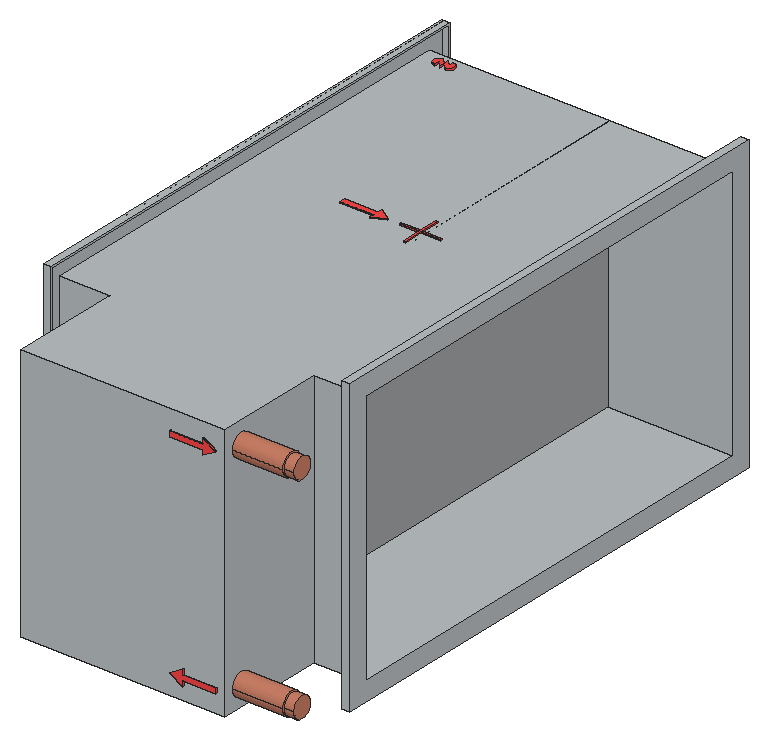
Revit family "NLRS_57_DUA_UN_rectangular-heater-ahxkkx8-14_LT_sacs", category Duct Accessories, Revit 2023
Family settings
  Round Connector Dimension = Use Diameter
  Part Type = Breaks Into
  OmniClass Number = 23.75.10.11.17
  OmniClass Title = Warm Air Heat Generators
  Work Plane-Based = No
  Always vertical = Yes
  Cut with Voids When Loaded = No
  Shared = No
Parameters (values of type "AHxKKx8-14")
  Water connection Right [instance] = yes
  Type IFC Predefined Type = "Heater"
  SACS_Warning_Text_Size [instance] = if(SACS_Warning_Size, "Invalid duct size. Nearest (larger) size selected", " ")  # " "
  SACS_Warning_Text_Other [instance] = if(SACS_Warning_Other, "Selected configuration not allowed", if([Heater circuits (1-26)] < 8, "Use family AHxKKx1-7", if([Heater circuits (1-26)] > 22, "Use family AHxKKx23-26", if([Heater circuits (1-26)] > 14, "Use family AHxKKx15-22", " "))))  # " "
  SACS_Warning_Size [instance] = or(not(NLRS_M_c01_breedte = SACS_Duct_Width), not(NLRS_M_c01_hoogte = SACS_Duct_Height))  # no
  SACS_Warning_Sign [instance] = and(not(SACS_Disable_Warning), or(SACS_Warning_Size, SACS_Warning_Other))  # no
  SACS_Warning_Other [instance] = or([Heater rows (2-10)] < 2, [Heater rows (2-10)] > 10, [Heater circuits (1-26)] < 1, [Heater circuits (1-26)] > 26)  # no
  SACS_Use_Manual_Airflow [instance] = no
  SACS_Plenum_L [instance] = if([Heater rows (2-10)] < 7, 300.00 mm, 400.00 mm)  # 300.00 mm
  SACS_Model [instance] = size_lookup(SACS_Data_Hidden, "Model", "NB", SACS_Duct_Width, SACS_Duct_Height, SACS_Index1, SACS_Index2, SACS_Index3)  # "AH2KKR-25-08 450x250"
  SACS_Manual_Airflow [instance] = 0.0 m³/h
  SACS_Index3 [instance] = if(Water connection Right, 0.00 mm, 1.00 mm)  # 0.00 mm
  SACS_Index2 [instance] = if([Heater circuits (1-26)] < 1, 1, if([Heater circuits (1-26)] > 26, 26, [Heater circuits (1-26)])) * 1.00 mm  # 8.00 mm
  SACS_Index1 [instance] = if([Heater rows (2-10)] < 2, 2, if([Heater rows (2-10)] > 10, 10, [Heater rows (2-10)])) * 1.00 mm  # 2.00 mm
  SACS_Disable_Warning [instance] = no
  SACS_Data_Hidden [instance] = if(Water connection Right, "AH-KKR-25_8-14", "AH-KKL-25_8-14")  # "AH-KKR-25_8-14"
  URL = "https://solid-air.nl/producten/solid-air-naverwarmer-ah-k/"
  Type Comments = "Check flow directions!"  # constant formula
  SACS_Y_Offset3 [instance] = if(Water connection Right, -1.00 mm, SACS_Length_Y - 1.00 mm)  # -1.00 mm
  SACS_Y_Offset2 [instance] = if(Water connection Right, SACS_Duct_Width + SACS_Length_Y - 20.00 mm, 20.00 mm)  # 540.00 mm
  SACS_Y_Offset [instance] = if(Water connection Right, 0.00 mm, SACS_Length_Y)  # 0.00 mm
  SACS_Type_Mark [instance] = ""
  SACS_Right_Box [instance] = if(Water connection Right, SACS_Duct_Width + SACS_Length_Y, SACS_Y_Offset - 1.00 mm)  # 560.00 mm
  SACS_Offset_RL [instance] = if(Water connection Right, 20.00 mm, SACS_Duct_Width + SACS_Length_Y - 19.00 mm)  # 20.00 mm
  SACS_Length_Y [instance] = 90.00 mm + NLRS_P_c01_diameter  # 110.00 mm
  SACS_Left_Box [instance] = if(Water connection Right, SACS_Duct_Width + 1.00 mm, 0.00 mm)  # 451.00 mm
  SACS_Index_Side [instance] = if(Water connection Right, 0, 1)  # 0
  SACS_Flange_Height [instance] = if(or(SACS_Duct_Height > 650.00 mm, SACS_Duct_Width > 650.00 mm), 29.00 mm, 19.00 mm)  # 19.00 mm
  SACS_Duct_Width [instance] = if(roundup(NLRS_M_c01_breedte / 50.00 mm) * 50 < 200, 200.00 mm, if(roundup(NLRS_M_c01_breedte / 50.00 mm * 50) > 2000, 2000.00 mm, roundup(NLRS_M_c01_breedte / 50.00 mm) * 50.00 mm))  # 450.00 mm
  SACS_Duct_Height [instance] = if(roundup(NLRS_M_c01_hoogte / 50.00 mm) * 50 < 200, 200.00 mm, if(roundup(NLRS_M_c01_hoogte / 50.00 mm * 50) > 1600, 1600.00 mm, roundup(NLRS_M_c01_hoogte / 50.00 mm) * 50.00 mm))  # 250.00 mm
  SACS_Diameter2 [instance] = NLRS_P_c01_diameter + 2.00 mm  # 22.00 mm
  SACS_Battery_Length [instance] = SACS_Index1 * 28  # 56.00 mm
  SACS_Air_Flow [instance] = 0.0 m³/h
  SA-Select [instance] = "https://saselect.solid-air.nl/duct-heater"
  NLRS_P_c01_drukverlies_statisch [instance] = 0.0 Pa
  NLRS_P_c01_diameter [instance] = if([Heater circuits (1-26)] < 8, 15.00 mm, if([Heater circuits (1-26)] < 15, 20.00 mm, if([Heater circuits (1-26)] < 23, 25.00 mm, 32.00 mm)))  # 20.00 mm
  NLRS_M_c01_hoogte [instance] = 250.00 mm
  NLRS_M_c01_drukverlies_statisch [instance] = 0.0 Pa
  NLRS_M_c01_breedte [instance] = 450.00 mm
  NLRS_C_model [instance] = SACS_Model  # "AH2KKR-25-08 450x250"
  NLRS_C_description = Description  # "Heater battery AH_KK - Rectangular connector - Solid Air"
  NLRS_C_content_versie = "4.23.02"  # constant formula
  NLRS_C_content_provider = "Solid Air Climate Solutions"  # constant formula
  NLRS_C_content_datum_uitgifte = "01-04-2026"  # constant formula
  NLRS_C_content_creator = "J. Feeke"  # constant formula
  NLRS_C_artikel_code [instance] = size_lookup(SACS_Data_Hidden, "Artikelcode", "NB", SACS_Duct_Width, SACS_Duct_Height, SACS_Index1, SACS_Index2, SACS_Index3)  # "NB"
  NLRS_P_c01_volumestroom [instance] = 0.0 L/s
  NLRS_M_c01_debiet [instance] = abs(if(SACS_Use_Manual_Airflow, SACS_Manual_Airflow, SACS_Air_Flow))  # 0.0 m³/h
  Model = "AH_KK"  # constant formula
  Manufacturer = "Solid Air Climate Solutions"  # constant formula
  LoadBearing [instance] = 1 = 0  # no
  Keynote = ""
  IsExternal [instance] = 1 = 0  # no
  IfcExportType = "Heater"  # constant formula
  IfcExportAs = "IfcHeatExchanger"  # constant formula
  IfcDescription = Description  # "Heater battery AH_KK - Rectangular connector - Solid Air"
  Heater rows (2-10) [instance] = 2
  Heater circuits (1-26) [instance] = 8
  FireRating [instance] = "00"  # constant formula
  Export Type to IFC As = "IfcHeatExchanger"
  Description = "Heater battery AH_KK - Rectangular connector - Solid Air"  # constant formula
  Default Elevation = 0.00 mm
  Cost = 0
  Assembly Code = "57.00"
Reference planes
  plane 1 "Center (Front/Back)": y = 0
  plane 2: z = 0
  plane 3 "Center (Left/Right)": x = 0
  plane 4 "top": z = 125
  plane 5 "bottom": z = -125
  plane 6 "left": x = -150
  plane 7 "right": x = 150
  plane 8 "back": y = 225
  plane 9 "Front": y = -225
  plane 10 "box": y = -335
  plane 11: y = -226
  plane 12: y = 225
Forms (mm)
  Sweep 1, solid, material "NLRS_57_sendzimir verzinkt_gen_sacs", detail levels medium+fine
    path in 3D
      loop
        line (0, -225, -125) -> (0, 225, -125) -> (0, 225, 125) -> (0, -225, 125) -> (0, -225, -125)
    profile "casing : casing" origin (0, -225, 0) x (0, 1, 0) y (1, 0, 0)
      loop
        line (0, -150) -> (0, 150) -> (-19, 150) -> (-19, 142.5) -> (-18, 142.5) -> (-18, 149) -> (-1, 149) -> (-1, -149) -> (-18, -149) -> (-18, -142.5) -> (-19, -142.5) -> (-19, -150) -> (0, -150)
  Extrusion 2, solid, material "NLRS_57_sendzimir verzinkt_gen_sacs", detail levels medium+fine
    sketch origin (0, 0, 0) x (1, 0, 0) y (0, 1, 0)
      loop
        line (-100, -226) -> (-100, -335) -> (100, -335) -> (100, -226) -> (-100, -226)
    from -126 to 126
  Extrusion 3, solid, material "Koper", detail levels medium+fine
    sketch origin (150, 0, 0) x (0, 1, 0) y (0, 0, 1)
      loop
        circle (-315, 105) r 11
      loop
        circle (-315, -105) r 11
    from -50 to 0
  Extrusion 4, solid, material "Koper", detail levels medium+fine
    sketch origin (150, 0, 0) x (0, 1, 0) y (0, 0, 1)
      loop
        circle (-315, 105) r 10
      loop
        circle (-315, -105) r 10
    from 0 to 10
  Extrusion 5, solid, material "NLRS_57_anodised aluminium_gen_sacs", detail levels medium+fine
    sketch origin (0, 0, 0) x (1, 0, 0) y (0, 1, 0)
      loop
        line (-28, 225) -> (-28, -225) -> (28, -225) -> (28, 225) -> (-28, 225)
    from -125 to 125
  Extrusion 6, solid, material "SACS_Label", detail levels medium+fine
    sketch origin (0, 0, 125) x (-1, 0, 0) y (0, -1, 0)
      loop
        line (-23.44, -20) -> (-23.44, -1) -> (-4.439, -1) -> (-4.439, 1) -> (-23.527, 1) -> (-23.527, 20) -> (-25.44, 20) -> (-25.44, 1) -> (-44.439, 1) -> (-44.439, -1) -> (-25.44, -1) -> (-25.44, -20) -> (-23.44, -20)
    from 1 to 2
Cuts and joins
  joined: Sweep 1, Extrusion 2
Lines and regions (mm)
  model lines, not visible
    curve 1: line (0, 225, 125) -> (0, -225, 125)
    curve 2: line (0, 225, -125) -> (0, 225, 125)
    curve 3: line (0, -225, -125) -> (0, 225, -125)
    curve 4: line (0, -225, 125) -> (0, -225, -125)
  sketch lines
    curve 5: line (0, -225, 125) -> (0, -225, -125)
    curve 6: line (0, 225, 125) -> (0, -225, 125)
    curve 7: line (0, 225, -125) -> (0, 225, 125)
    curve 8: line (0, -225, -125) -> (0, 225, -125)
Dimensions and locks
  equal spacing: plane 4 "top", level, plane 5 "bottom"
  "SACS_Duct_Height": plane 4 "top" to plane 5 "bottom"
  equal spacing: plane 6 "left", plane 3 "Center (Left/Right)", plane 7 "right"
  equal spacing: plane 8 "back", plane 1 "Center (Front/Back)", plane 9 "Front"
  "SACS_Duct_Width": plane 8 "back" to plane 9 "Front"
  "SACS_Plenum_L": plane 6 "left" to plane 7 "right"
  "SACS_Y_Offset": plane 12 to plane 8 "back"
  "SACS_Left_Box": plane 12 to plane 11
  "SACS_Right_Box": plane 12 to plane 10 "box"
  locked: Extrusion 2 sketch curve to plane 7 "right" at 50
  locked: plane 6 "left" to Extrusion 2 sketch curve at 50
  locked: Extrusion 2 to plane 4 "top" at 1
  locked: plane 5 "bottom" to Extrusion 2 at 1
  "SACS_Y_Offset2": Extrusion 3 sketch curve to plane 12
  locked: plane 4 "top" to Extrusion 3 sketch curve at 20
  locked: Extrusion 3 sketch curve to plane 5 "bottom" at 20
  "SACS_Y_Offset2": plane 12 to Extrusion 3 sketch curve
  locked: Extrusion 3 to plane 7 "right" at 50
  locked: Extrusion 4 sketch curve to plane 5 "bottom" at 20
  locked: plane 4 "top" to Extrusion 4 sketch curve at 20
  "SACS_Y_Offset2": plane 12 to Extrusion 4 sketch curve  (x2)
  locked: plane 7 "right" to Extrusion 4 at 10
  equal spacing: Extrusion 5 sketch curve, plane 3 "Center (Left/Right)", Extrusion 5 sketch curve
  "SACS_Battery_Length": Extrusion 5 sketch curve to Extrusion 5 sketch curve
  locked: plane 7 "right" to nested 1 at 80
  plane 7 "right" to nested 2 = 80.00 mm
  locked: nested 3 to plane 3 "Center (Left/Right)" at 30
  Extrusion 6 sketch curve to plane 1 "Center (Front/Back)" to Extrusion 6 sketch curve = 1.00 mm locked, 1.00 mm locked
  Extrusion 6 sketch curve to plane 1 "Center (Front/Back)" to Extrusion 6 sketch curve = 20.00 mm locked, 20.00 mm locked
  locked: plane 6 "left" to nested 4 at 25
  locked: plane 8 "back" to nested 4 at 10
  locked: nested 1 to plane 5 "bottom" at 20
  locked: plane 4 "top" to nested 2 at 20
  "SACS_Diameter2": diameter of Extrusion 3 sketch curve  (x2)
  "NLRS_P_c01_diameter": diameter of Extrusion 4 sketch curve  (x2)
  aligned and locked: level to plane 2
  aligned and locked: curve 1 to plane 4 "top"
  aligned and locked: plane 9 "Front" to curve 4
  aligned and locked: plane 5 "bottom" to curve 3
  aligned and locked: curve 2 to plane 8 "back"
  aligned and locked: Extrusion 2 sketch curve to plane 11
  aligned and locked: plane 10 "box" to Extrusion 2 sketch curve
  aligned and locked: plane 7 "right" to Extrusion 3
  aligned and locked: plane 8 "back" to Extrusion 5
  aligned and locked: Extrusion 5 to plane 9 "Front"
  aligned and locked: Extrusion 5 to plane 5 "bottom"
  aligned and locked: plane 4 "top" to Extrusion 5
  aligned and locked: plane 1 "Center (Front/Back)" to nested 3
  aligned and locked: plane 3 "Center (Left/Right)" to nested 5
Automatic sketch dimensions
  plane 3 "Center (Left/Right)" to Extrusion 6 sketch curve = 44.439 mm
  Extrusion 6 sketch curve to Extrusion 6 sketch curve = 18.999 mm
  Extrusion 6 sketch curve to Extrusion 6 sketch curve = 0.00 mm
  Extrusion 6 sketch curve to Extrusion 6 sketch curve = 1.913 mm
  Extrusion 6 sketch curve to plane 1 "Center (Front/Back)" = 1.00 mm
  Extrusion 6 sketch curve to Extrusion 6 sketch curve = 2.00 mm
  plane 3 "Center (Left/Right)" to Extrusion 6 sketch curve = 4.439 mm
  plane 1 "Center (Front/Back)" to Extrusion 6 sketch curve = 1.00 mm
  Extrusion 5 sketch curve to plane 9 "Front" = 0.00 mm
  Extrusion 5 sketch curve to plane 8 "back" = 0.00 mm
Nested families
  nested 1: "arrow" at (70, -336, -105) x (-1, 0, 0) z (0, 1, 0), built-in parameter 1001364 <- "SACS_Y_Offset3", type "arrow", detail levels medium+fine
  nested 2: "arrow" at (70, -336, 105) x (1, 0, 0) z (0, 1, 0), built-in parameter 1001364 <- "SACS_Y_Offset3", type "arrow", detail levels medium+fine
  nested 3: "arrow" at (-30, 0, 126), type "arrow", detail levels medium+fine
  nested 4: "logo_single" at (-125, 215, 125), type "logo_single", detail levels medium+fine
  nested 5: "NV-Symbol" at (0, 0, 125), type "FD-Symbol_Top", detail levels coarse
  nested 6: "Warning" at (0, 0, 125), visible <- "SACS_Warning_Size", type "Warning", detail levels medium+fine
  nested 7: "NV-Symbol" at (0, 0, 0) x (1, 0, 0) z (0, 1, 0), type "FD-Symbol_Side", detail levels coarse
Connectors
  hvac at (-150, 0, 0), driven by "NLRS_M_c01_hoogte", driven by "NLRS_M_c01_breedte", driven by "NLRS_M_c01_debiet", driven by "NLRS_M_c01_drukverlies_statisch"
    settings: on cut or joined group of Sweep 1, Extrusion 2, index 1, duct flow 0.0 m³/h, flow factor 0, pres drop 0.0 Pa, loss coef 0, conn angle 0.00°, conn width 450 mm, conn height 250 mm, conn diameter 609.6 mm, duct sys type 29, conn prof type 1, flow config 1, flow direction 1, loss method 4, conn ref index -1, conn util no, is conn primary yes, conn desc ""
  hvac at (150, 0, 0), driven by "NLRS_M_c01_hoogte", driven by "NLRS_M_c01_breedte", driven by "SACS_Air_Flow"
    settings: on cut or joined group of Sweep 1, Extrusion 2, index 2, duct flow 0.0 m³/h, flow factor 0, pres drop 0.0 Pa, loss coef 0, conn angle 0.00°, conn width 450 mm, conn height 250 mm, conn diameter 609.6 mm, duct sys type 29, conn prof type 1, flow config 0, flow direction 2, loss method 0, conn ref index -1, conn util no, is conn primary no, conn desc ""
  piping at (150, -315, -105), diameter 20, driven by "NLRS_P_c01_diameter", driven by "NLRS_P_c01_volumestroom", driven by "NLRS_P_c01_drukverlies_statisch"
    settings: on Extrusion 4, index 3, connector inside diameter 24", connector length 0.00 mm, flow factor 0, pipe flow 0.0 L/s, pressure drop 0.0 Pa, fitting loss kfactor 0, connector angle 0.00°, fixture units 0, engagement length 0.00 mm, angle of deflection 0.00°, flow configuration 1, flow direction 1, fitting loss method 4, system type 7, joint type 0, gender type 0, connector reference index -1, connector utility 0, adjustable connector no, is connector primary yes, connector description ""
  piping at (150, -315, 105), diameter 20, driven by "NLRS_P_c01_diameter", driven by "NLRS_P_c01_volumestroom", driven by "NLRS_P_c01_drukverlies_statisch"
    settings: on Extrusion 4, index 4, connector inside diameter 24", connector length 0.00 mm, flow factor 0, pipe flow 0.0 L/s, pressure drop 0.0 Pa, fitting loss kfactor 0, connector angle 0.00°, fixture units 0, engagement length 0.00 mm, angle of deflection 0.00°, flow configuration 1, flow direction 2, fitting loss method 4, system type 8, joint type 0, gender type 0, connector reference index -1, connector utility 0, adjustable connector no, is connector primary no, connector description ""
Definition of nested family "arrow"
  Parameters (values of type "arrow")
    Default Elevation = 1219.20 mm
  Reference planes
    plane 1 "Center (Front/Back)": y = 0
    plane 2: z = 0
    plane 3 "Center (Left/Right)": x = 0
  Forms (mm)
    Extrusion 1, solid
      sketch origin (0, 48.354, 0) x (-1, 0, 0) y (0, -1, 0)
        loop
          line (22.513, 50.854) -> (-10.002, 50.854) -> (-10.002, 55.854) -> (-22.513, 48.354) -> (-10.002, 40.854) -> (-10.002, 45.854) -> (22.513, 45.854) -> (22.513, 50.854)
      from 0 to 1
  Dimensions and locks
    aligned and locked: level to plane 2
Definition of nested family "logo_single"
  Parameters (values of type "logo_single")
    t = 5.00 mm
    Model = "LOD 400"
    Description = "Model type"
    Default Elevation = 1219.20 mm
  Reference planes
    plane 1 "Center (Front/Back)": y = 0
    plane 2: z = 0
    plane 3 "Center (Left/Right)": x = 0
    plane 4: z = 2
    plane 5: x = -10
    plane 6: y = -5
    plane 7: y = 5
    plane 8: x = -5
    plane 9: x = 5
    plane 10: x = 10
  Forms (mm)
    Extrusion 1, solid
      sketch origin (-547.644, -297.937, 0) x (1, 0, 0) y (0, 1, 0)
        loop
          arc (542.644, 302.937) -> (537.644, 297.937) -> (542.644, 292.937) r 5
          line (542.644, 292.937) -> (542.644, 297.937) -> (547.644, 292.937) -> (547.644, 297.937) -> (542.644, 302.937)
      from 0 to 2
    Extrusion 2, solid
      sketch origin (0, 0, 0) x (1, 0, 0) y (0, 1, 0)
        loop
          arc (5, -5) -> (10, 0) -> (5, 5) r 5
          line (5, 5) -> (5, 0) -> (0, 5) -> (0, 0) -> (5, -5)
      from 0 to 2
  Dimensions and locks
    "t": plane 7 to plane 1 "Center (Front/Back)"
    "t": plane 6 to plane 1 "Center (Front/Back)"
    "t": plane 5 to plane 8
    "t": plane 8 to plane 3 "Center (Left/Right)"
    "t": plane 3 "Center (Left/Right)" to plane 9
    "t": plane 9 to plane 10
    aligned and locked: level to plane 2
    aligned and locked: plane 4 to Extrusion 1
  Automatic sketch dimensions
    plane 1 "Center (Front/Back)" to Extrusion 1 sketch curve = 0.00 mm  (x3)
    Extrusion 1 sketch curve to plane 8 = 0.00 mm
    Extrusion 1 sketch curve to plane 7 = 0.00 mm
    Extrusion 1 sketch curve to plane 3 "Center (Left/Right)" = 0.00 mm
    Extrusion 1 sketch curve to plane 6 = 0.00 mm
    Extrusion 2 sketch curve to plane 3 "Center (Left/Right)" = 0.00 mm
    plane 1 "Center (Front/Back)" to Extrusion 2 sketch curve = 0.00 mm  (x3)
    Extrusion 2 sketch curve to plane 6 = 0.00 mm
    Extrusion 2 sketch curve to plane 9 = 0.00 mm
    Extrusion 2 sketch curve to plane 7 = 0.00 mm
Definition of nested family "NV-Symbol"
  Parameters (values of type "FD-Symbol_Side")
    Width = 250.00 mm
    Length = 300.00 mm
    Half_Width = Width / 2  # 125.00 mm
  Types (2, lengths in mm): name | Width | Half_Width
    FD-Symbol_Side | 250.00 | 125.00
    FD-Symbol_Top | 450.00 | 225.00
  Reference planes
    plane 1 "Center (Front/Back)": y = 0
    plane 2: z = 0
    plane 3 "Center (Left/Right)": x = 0
    plane 4: x = -150
    plane 5: x = 150
    plane 6: y = -125
    plane 7: y = 125
    plane 8: x = 100
    plane 9: x = -125
    plane 10: y = 100
    plane 11: x = -417.698
    plane 12: y = 67.059
  Lines and regions (mm)
    detail lines, in view "Ref. Level"
      curve 1: line (-150, 125, 0) -> (150, 125, 0)
      curve 2: line (-150, -125, 0) -> (-150, 125, 0)
      curve 3: line (150, -125, 0) -> (-150, -125, 0)
      curve 4: line (150, 125, 0) -> (150, -125, 0)
      curve 5: line (-150, -125, 0) -> (150, 125, 0)
      curve 6: line (75, 0, 0) -> (125, 0, 0)
      curve 7: line (100, 25, 0) -> (100, -25, 0)
      curve 8: line (-141.355, 112.5, 0) -> (-141.355, 87.5, 0)
      curve 9: line (-141.355, 112.5, 0) -> (-128.855, 87.5, 0)
      curve 10: line (-128.855, 87.5, 0) -> (-128.855, 112.5, 0)
      curve 11: line (-121.145, 112.5, 0) -> (-114.447, 87.5, 0)
      curve 12: line (-114.447, 87.5, 0) -> (-105.347, 112.5, 0)
      curve 18: line (75, 0, 0) -> (125, 0, 0)
    detail lines, in view "Ref. Level", not visible
      curve 13: line (-434.053, 79.559, 0) -> (-434.053, 54.559, 0)
      curve 14: line (-434.053, 79.559, 0) -> (-421.553, 54.559, 0)
      curve 15: line (-421.553, 54.559, 0) -> (-421.553, 79.559, 0)
      curve 16: line (-413.844, 79.559, 0) -> (-407.145, 54.559, 0)
      curve 17: line (-407.145, 54.559, 0) -> (-398.046, 79.559, 0)
  Dimensions and locks
    "Half_Width": plane 1 "Center (Front/Back)" to plane 6
    "Half_Width": plane 7 to plane 1 "Center (Front/Back)"
    "Length": plane 4 to plane 5
    equal spacing: plane 4, plane 3 "Center (Left/Right)", plane 5
    locked: plane 8 to plane 5 at 50
    plane 4 to plane 9 = 25.00 mm
    locked: plane 7 to plane 10 at 25
    curve 18 to plane 8 to curve 18 = 25.00 mm locked, 25.00 mm locked
    curve 7 to plane 1 "Center (Front/Back)" to curve 7 = 25.00 mm locked, 25.00 mm locked
    aligned and locked: plane 4 to curve 2
    aligned and locked: curve 1 to plane 7
    aligned and locked: curve 4 to plane 5
    aligned and locked: plane 6 to curve 3
    aligned and locked: plane 1 "Center (Front/Back)" to curve 6
  Automatic sketch dimensions
    curve 5 to plane 4 = 0.00 mm
    plane 1 "Center (Front/Back)" to curve 18 = 0.00 mm
    curve 7 to plane 8 = 0.00 mm
    curve 18 to curve 6 = 0.00 mm  (x2)
Definition of nested family "Warning"
  Parameters (values of type "Warning")
    straal = 1000.00 mm
  Reference planes
    plane 1 "Center (Front/Back)": y = 0
    plane 2: z = 0
    plane 3 "Center (Left/Right)": x = 0
  Lines and regions (mm)
    Filled region 1, type "Solid Fill - Black", in view "Ref. Level"
      outline origin (0, 0, 0) x (1, 0, 0) y (0, 1, 0)
        loop
          line (-25.8, 75) -> (-20, -12.003) -> (20, -12.003) -> (25.8, 75) -> (-25.8, 75)
        loop
          circle (0, -50) r 25
